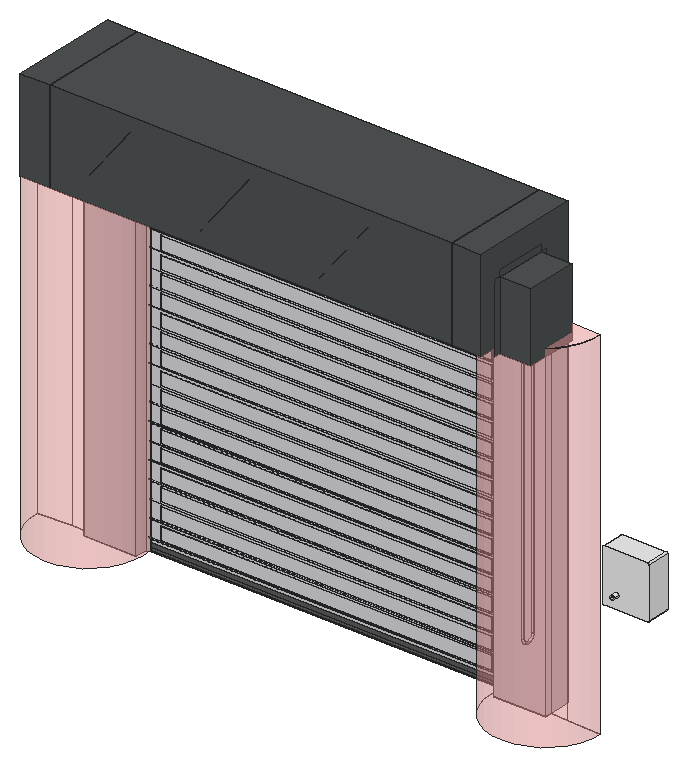
Revit family "Doors_Industrial_Wayne-Dalton_Exterior-Full-View-High-Speed-Metal-Doors-Model-889-ADV-Xtreme", category Specialty Equipment, host Wall, Revit 2026
Family settings
  Host = Wall
  Round Connector Dimension = Use Diameter
  Part Type = Normal
  Classification Number = 23.30.10.21.34
  Enable Cutting in Views = No
  Always vertical = Yes
  Cut with Voids When Loaded = No
  Maintain Annotation Orientation = No
  Shared = No
  Room Calculation Point = No
Parameters (values of type "230 volts, three phase, 60 Hz (208-245V range)")
  True Width [instance] = [Door Width (Real)]  # 10' - 0"
  True Height [instance] = [Door Height (Real)]  # 10' - 0"
  Slat Type [instance] = if(or(Slat Option < 1, Slat Option = 1), "Perforated Aluminum Slats", "Polycarbonate Panels")  # "Perforated Aluminum Slats"
  Slat Option [instance] = 1
  Slat Material = Metal - Wayne Dalton - Silver
  Slat Height = 0' - 5 13/16"  # constant formula
  Real Width [instance] = roundup([Door Width (Real)] / 1' 0")  # 10
  Product Page URL = "https://www.wayne-dalton.com/high-speed-metal-door-889"
  Powder Coat (Note) = "Approximately 200 optional RAL powder coat colors are also available."  # constant formula
  Number of Slats [instance] = roundup(([Door Height (Real)] - [Bottom Rail (Width)]) / Slat Height)  # 20
  Motor Cover [instance] = yes
  Lookup Table = "Door Limits"  # constant formula
  Hood Option [instance] = yes
  Hood Material = Metal - Wayne Dalton - Black
  Headroom Height [instance] = if(or(Header Option < 1, Header Option = 1), 2' 8", 3' 2")  # 2' - 8"
  Header Type [instance] = if(or(Header Option < 1, Header Option = 1), "Standard Header", "Large Header")  # "Standard Header"
  Header Option [instance] = if(or(True Height < 15' 0", True Height = 15' 0"), 1, 2)  # 1
  Guide Type [instance] = if(or(Guide Option < 1, Guide Option = 1), "Wide Guide - Non-Insulated", "Slim Guide - Non-Insulated")  # "Wide Guide - Non-Insulated"
  Guide Option [instance] = 1
  External Transformer = no
  Door Width (Real) [instance] = if(Door Width > Max Door Width, Max Door Width, if(Door Width < Min Door Width, Min Door Width, Door Width))  # 10' - 0"
  Door Height (Real) [instance] = if(Door Height > Max Door Height, Max Door Height, if(Door Height < Min Door Height, Min Door Height, Door Height))  # 10' - 0"
  Rough Width [instance] = [Door Width (Real)]  # 10' - 0"
  Rough Height [instance] = [Door Height (Real)] - 0' 1 1/4"  # 9' - 10 3/4"
  Opening Width [instance] = Rough Width  # 10' - 0"
  Opening Height [instance] = Rough Height  # 9' - 10 3/4"
  Voltage = 230 V
  URL = "https://www.wayne-dalton.com/"
  Product data url = "https://www.bimobject.com/wayne-dalton/product/high-speed-metal-door-889-ADV-Xtreme"
  Product Guid = "318edc16-91be-4919-865a-1b1574896b62"
  Power Factor = 1
  Number of Poles = 3
  Model = "889"  # constant formula
  Min Door Width [instance] = 4' - 0"  # constant formula
  Min Door Height [instance] = 2' - 0"  # constant formula
  Max Door Width [instance] = 20' - 0"  # constant formula
  Max Door Height [instance] = if(and(Slat Option > 1, Guide Option < 2), size_lookup(Lookup Table, "A", 21' 0", Real Width), if(and(Slat Option > 1, Guide Option > 1), size_lookup(Lookup Table, "B", 21' 0", Real Width), if(and(Slat Option < 2, Guide Option < 2), size_lookup(Lookup Table, "C", 21' 0", Real Width), size_lookup(Lookup Table, "D", 21' 0", Real Width))))  # 21' - 0"
  Manufacturer = "Wayne Dalton"  # constant formula
  Frequency = 60 Hz  # constant formula
  Wall Closure = By host
  Floor To (CL) of Shaft [instance] = if(or(Header Option < 1, Header Option = 1), Opening Height + 1' 4", Opening Height + 1' 7 161/256")  # 11' - 2 3/4"
  Dimensions Limit (Note) [instance] = "Maximum Height dependant on Width input, see specifications for further detail"  # constant formula
  Default Elevation = 0' - 0"
  Connector Description = "Rapidflex Large Control Panel"  # constant formula
  Finish Material = Metal - Wayne Dalton - Silver
  Door Width [instance] = 10' - 0"
  Door Height [instance] = 10' - 0"
  Description = "High speed metal doors with visibility and durability, Model 889 ADV-Xtreme is ideal for applications where aesthetics and visibility are a priority. Constructed with a fully assembled curtain, this door is easy to install and maintain.‬‬‬ Model 889 ADV-Xtreme also features a patent-pending helical-designed steel headplate that helps prevent metal curtain contact and provides smooth operation. A patent-pending curtain monitoring device ensures the door has a redundant system to monitor the position of the door."  # constant formula
  Current = 20 A
  Clearance [instance] = yes
  Center Stiles [instance] = if(or(True Width < 12' 6", True Width = 12' 6"), 1 = 2, 1 = 1)  # no
  Bottom Rail (Width) = 0' - 9 3/8"  # constant formula
  Backroom Depth [instance] = if(or(Header Option < 1, Header Option = 1), 3' 0 1/2", 3' 6 1/2")  # 3' - 0 1/2"
  Apparent Load Phase 3 = if(Number of Poles = 1, 0 VA, (Voltage * Current * sqrt(3)) / 3)  # 2655.81 VA
  Apparent Load Phase 2 = if(Number of Poles = 1, 0 VA, (Voltage * Current * sqrt(3)) / 3)  # 2655.81 VA
  Apparent Load Phase 1 = if(Number of Poles = 1, Voltage * Current, (Voltage * Current * sqrt(3)) / 3)  # 2655.81 VA
  Actual Number of Slats [instance] = roundup(([Door Height (Real)] - [Bottom Rail (Width)]) / Slat Height + 1)  # 21
Reference planes (in)
  plane 1 "Center (Front/Back)": y = 0
  plane 2 "Center (Left/Right)": x = 0
  plane 3 "Left": x = -60
  plane 4 "Right": x = 60
  plane 5 "Top": z = 120
  plane 6 "Exterior": y = 3
  plane 7 "Interior": y = -3
  plane 8: x = 60
  plane 9: x = -60
  plane 10: z = 118.75
  plane 11: z = 150.75
  plane 12 "Main": y = -7.11719
  plane 13: y = -39.5
  plane 14 "Bottom Rail": z = 9.375
  plane 15 "Main Door Block": y = -3
  plane 16: z = 47.47
  plane 17: z = 2.5
  plane 18: y = -7.61719
  plane 19: y = -6.61719
  plane 20 "1st Bottom Slat": z = 2.5
  plane 21: z = 79.125
  plane 22: z = 15.1875
  plane 23: z = 3.5625
  plane 24: x = -20
  plane 25: x = 20
  plane 26: x = -60
  plane 27: x = 60
Forms (in)
  Extrusion 1, solid, material "Plastic - Wayne Dalton - Nylon"
    sketch origin (0, 0, 0) x (0, 1, 0) y (0, 0, 1)
      loop
        line (-7.61719, 2.5) -> (-7.61719, 1.064) -> (-7.73131, 0.25198) -> (-7.93536, 0) -> (-6.29902, 0) -> (-6.50307, 0.25198) -> (-6.61719, 1.064) -> (-6.61719, 2.5) -> (-7.61719, 2.5)
    from -60 to 60
  Extrusion 2, solid, material "Metal - Wayne Dalton - Clear", visible <- "Center Stiles"
    sketch origin (0, -7.11719, 0) x (0, 0, -1) y (-1, 0, 0)
      loop
        line (-2.5, 21) -> (-120, 21) -> (-120, 19) -> (-2.5, 19) -> (-2.5, 21)
      loop
        line (-2.5, -19) -> (-120, -19) -> (-120, -21) -> (-2.5, -21) -> (-2.5, -19)
    from -0.692 to 0.68698
Lines and regions (in)
  Opening 1
    outline origin (-90, -3, 0) x (1, 0, 0) y (0, 0, 1)
      loop
        line (30, 0) -> (150, 0) -> (150, 118.75) -> (30, 118.75) -> (30, 0)
Text (in)
  text "Exterior" at (-74.96733, 27.31104, 0), in view "Ref. Level"
  text "Interior" at (-74.96733, -25.14366, 0), in view "Ref. Level"
  text "Exterior" at (0, 40.15149, 123.01588), in view "Right"
  text "Interior" at (0, -64.39139, 123.01588), in view "Right"
  text "Interior" at (0, -31.01599, 123.00693), in view "Left"
  text "Exterior" at (0, 54.57065, 123.00693), in view "Left"
Dimensions and locks (in)
  equal spacing: plane 3 "Left", plane 2 "Center (Left/Right)", plane 4 "Right"
  "Door Height (Real)": level to plane 5 "Top"
  "Door Width (Real)": plane 3 "Left" to plane 4 "Right"
  host wall to plane 5 "Top" = 10' - 0"
  level to host wall = 38' - 3.59655"
  "Rough Height": level to plane 10
  equal spacing: plane 9, plane 2 "Center (Left/Right)", plane 8
  "Rough Width": plane 8 to plane 9
  "Headroom Height": plane 10 to plane 11
  "Backroom Depth": plane 7 "Interior" to plane 13
  "Bottom Rail (Width)": plane 14 "Bottom Rail" to level
  plane 10 to level = 9' - 10 3/4"
  locked: plane 15 "Main Door Block" to plane 12 "Main" at 4.11719
  plane 1 "Center (Front/Back)" to plane 7 "Interior" = 0' - 3"
  equal spacing: plane 18, plane 12 "Main", plane 19
  locked: plane 18 to plane 19 at 1
  locked: Extrusion 1 sketch curve to Extrusion 1 sketch curve at 0.82  (x2)
  locked: plane 17 to Extrusion 1 sketch curve at 1.436  (x2)
  locked: plane 20 "1st Bottom Slat" to level at 2.5
  "Slat Height": plane 22 to plane 14 "Bottom Rail"
  locked: plane 23 to level at 3.5625
  plane 20 "1st Bottom Slat" to plane 23 = 0' - 1 1/16"
  equal spacing: group 1, group 2, group 3, group 4, group 5, group 6, group 7, group 8, group 9, group 10, group 11, group 12, group 13, group 14, group 15, group 16, group 17, group 18, group 19, group 20  (x3)
  locked: Extrusion 2 sketch curve to Extrusion 2 sketch curve at 2  (x2)
  equal spacing: Extrusion 2 sketch curve, plane 24, Extrusion 2 sketch curve
  equal spacing: Extrusion 2 sketch curve, plane 25, Extrusion 2 sketch curve
  equal spacing: plane 26, plane 24, plane 25, plane 27
  locked: Extrusion 1 sketch curve to Extrusion 1 sketch curve (angle 172.00°)  (x2)
  locked: Extrusion 1 sketch curve to Extrusion 1 sketch curve (angle 149.00°)  (x2)
  aligned and locked: Opening 1 sketch curve to level
  aligned and locked: plane 6 "Exterior" to host wall
  aligned and locked: host wall to plane 7 "Interior"
  aligned and locked: plane 9 to Opening 1 sketch curve
  aligned and locked: plane 8 to Opening 1 sketch curve
  aligned and locked: Opening 1 sketch curve to plane 10
  aligned and locked: Extrusion 1 to plane 4 "Right"
  aligned and locked: plane 3 "Left" to Extrusion 1
  aligned and locked: nested 1 to plane 7 "Interior"
  aligned and locked: nested 1 to plane 2 "Center (Left/Right)"
  aligned and locked: level to nested 1
  aligned and locked: plane 15 "Main Door Block" to plane 7 "Interior"
  aligned and locked: plane 17 to Extrusion 1 sketch curve
  aligned and locked: plane 18 to Extrusion 1 sketch curve
  aligned and locked: plane 19 to Extrusion 1 sketch curve
  aligned and locked: Extrusion 1 sketch curve to level
  aligned and locked: plane 12 "Main" to nested 2
  aligned and locked: nested 3 to plane 23
  aligned and locked: nested 3 to plane 12 "Main"
  aligned and locked: nested 2 to plane 14 "Bottom Rail"
  aligned and locked: nested 4 to plane 22
  aligned and locked: plane 5 "Top" to Extrusion 2 sketch curve
  aligned and locked: plane 20 "1st Bottom Slat" to Extrusion 2 sketch curve
  aligned and locked: plane 26 to plane 9
  aligned and locked: plane 27 to plane 8
  aligned and locked: plane 12 "Main" to nested 22
Automatic sketch dimensions
  Extrusion 2 sketch curve to plane 5 "Top" = 0' - 0"
  Extrusion 2 sketch curve to plane 20 "1st Bottom Slat" = 0' - 0"
Nested families (in)
  nested 1: "Lifts" at (0, -3, 0) x (-1, 0, 0) z (0, 0, 1), Header Option <- "Header Option", Guid Option <- "Guide Option", Header Height <- "Headroom Height", Header Width <- "Backroom Depth", Motor Cover <- "Motor Cover", type "Frame Unit"
    with Spool Radius 1' - 2", Right Motor Position yes, Motor Cover Off no, Motor Cover yes, Masking Region Right Motor no, Header Width 3' - 0 1/2", Header Option 1, Header Height 2' - 8", Guid Width 1' - 5 1/4", Guid Option 1, Floor To (CL) of Shaft 11' - 2 3/4", Electric Operator Position 17' - 1 1/2", Clearance (Wide Guid) yes, Clearance (Slim Guid) no, CL Shaft Offset 1' - 0"
  nested 2: "Slat" at (0, -7.11719, 15.1875) x (1, 0, 0) z (0, 0, -1), Slat Option <- "Slat Option", type "Slat"
    with Standard Slat Bottom Rail no, Standard Slat no, Slat Option 1, Polycarbonate Slat Bottom Rail no, Polycarbonate Slat no, Perforated Slat Bottom Rail no, Perforated Slat yes, Bottom Rail no
  nested 3: "Slat" at (0, -7.11719, 3.5625), Slat Option <- "Slat Option", type "Slat"
    with Standard Slat Bottom Rail no, Standard Slat no, Slat Option 1, Polycarbonate Slat Bottom Rail no, Polycarbonate Slat no, Perforated Slat Bottom Rail yes, Perforated Slat yes, Bottom Rail yes
  nested 4: "Slat" at (0, -7.11719, 21) x (1, 0, 0) z (0, 0, -1), Slat Option <- "Slat Option", type "Slat"
    with Standard Slat Bottom Rail no, Standard Slat no, Slat Option 1, Polycarbonate Slat Bottom Rail no, Polycarbonate Slat no, Perforated Slat Bottom Rail no, Perforated Slat yes, Bottom Rail no
  nested 5: "Slat" at (0, -7.11719, 26.8125) x (1, 0, 0) z (0, 0, -1), Slat Option <- "Slat Option", type "Slat"
    with Standard Slat Bottom Rail no, Standard Slat no, Slat Option 1, Polycarbonate Slat Bottom Rail no, Polycarbonate Slat no, Perforated Slat Bottom Rail no, Perforated Slat yes, Bottom Rail no
  nested 6: "Slat" at (0, -7.11719, 32.625) x (1, 0, 0) z (0, 0, -1), Slat Option <- "Slat Option", type "Slat"
    with Standard Slat Bottom Rail no, Standard Slat no, Slat Option 1, Polycarbonate Slat Bottom Rail no, Polycarbonate Slat no, Perforated Slat Bottom Rail no, Perforated Slat yes, Bottom Rail no
  nested 7: "Slat" at (0, -7.11719, 38.4375) x (1, 0, 0) z (0, 0, -1), Slat Option <- "Slat Option", type "Slat"
    with Standard Slat Bottom Rail no, Standard Slat no, Slat Option 1, Polycarbonate Slat Bottom Rail no, Polycarbonate Slat no, Perforated Slat Bottom Rail no, Perforated Slat yes, Bottom Rail no
  nested 8: "Slat" at (0, -7.11719, 44.25) x (1, 0, 0) z (0, 0, -1), Slat Option <- "Slat Option", type "Slat"
    with Standard Slat Bottom Rail no, Standard Slat no, Slat Option 1, Polycarbonate Slat Bottom Rail no, Polycarbonate Slat no, Perforated Slat Bottom Rail no, Perforated Slat yes, Bottom Rail no
  nested 9: "Slat" at (0, -7.11719, 50.0625) x (1, 0, 0) z (0, 0, -1), Slat Option <- "Slat Option", type "Slat"
    with Standard Slat Bottom Rail no, Standard Slat no, Slat Option 1, Polycarbonate Slat Bottom Rail no, Polycarbonate Slat no, Perforated Slat Bottom Rail no, Perforated Slat yes, Bottom Rail no
  nested 10: "Slat" at (0, -7.11719, 55.875) x (1, 0, 0) z (0, 0, -1), Slat Option <- "Slat Option", type "Slat"
    with Standard Slat Bottom Rail no, Standard Slat no, Slat Option 1, Polycarbonate Slat Bottom Rail no, Polycarbonate Slat no, Perforated Slat Bottom Rail no, Perforated Slat yes, Bottom Rail no
  nested 11: "Slat" at (0, -7.11719, 61.6875) x (1, 0, 0) z (0, 0, -1), Slat Option <- "Slat Option", type "Slat"
    with Standard Slat Bottom Rail no, Standard Slat no, Slat Option 1, Polycarbonate Slat Bottom Rail no, Polycarbonate Slat no, Perforated Slat Bottom Rail no, Perforated Slat yes, Bottom Rail no
  nested 12: "Slat" at (0, -7.11719, 67.5) x (1, 0, 0) z (0, 0, -1), Slat Option <- "Slat Option", type "Slat"
    with Standard Slat Bottom Rail no, Standard Slat no, Slat Option 1, Polycarbonate Slat Bottom Rail no, Polycarbonate Slat no, Perforated Slat Bottom Rail no, Perforated Slat yes, Bottom Rail no
  nested 13: "Slat" at (0, -7.11719, 73.3125) x (1, 0, 0) z (0, 0, -1), Slat Option <- "Slat Option", type "Slat"
    with Standard Slat Bottom Rail no, Standard Slat no, Slat Option 1, Polycarbonate Slat Bottom Rail no, Polycarbonate Slat no, Perforated Slat Bottom Rail no, Perforated Slat yes, Bottom Rail no
  nested 14: "Slat" at (0, -7.11719, 79.125) x (1, 0, 0) z (0, 0, -1), Slat Option <- "Slat Option", type "Slat"
    with Standard Slat Bottom Rail no, Standard Slat no, Slat Option 1, Polycarbonate Slat Bottom Rail no, Polycarbonate Slat no, Perforated Slat Bottom Rail no, Perforated Slat yes, Bottom Rail no
  nested 15: "Slat" at (0, -7.11719, 84.9375) x (1, 0, 0) z (0, 0, -1), Slat Option <- "Slat Option", type "Slat"
    with Standard Slat Bottom Rail no, Standard Slat no, Slat Option 1, Polycarbonate Slat Bottom Rail no, Polycarbonate Slat no, Perforated Slat Bottom Rail no, Perforated Slat yes, Bottom Rail no
  nested 16: "Slat" at (0, -7.11719, 90.75) x (1, 0, 0) z (0, 0, -1), Slat Option <- "Slat Option", type "Slat"
    with Standard Slat Bottom Rail no, Standard Slat no, Slat Option 1, Polycarbonate Slat Bottom Rail no, Polycarbonate Slat no, Perforated Slat Bottom Rail no, Perforated Slat yes, Bottom Rail no
  nested 17: "Slat" at (0, -7.11719, 96.5625) x (1, 0, 0) z (0, 0, -1), Slat Option <- "Slat Option", type "Slat"
    with Standard Slat Bottom Rail no, Standard Slat no, Slat Option 1, Polycarbonate Slat Bottom Rail no, Polycarbonate Slat no, Perforated Slat Bottom Rail no, Perforated Slat yes, Bottom Rail no
  nested 18: "Slat" at (0, -7.11719, 102.375) x (1, 0, 0) z (0, 0, -1), Slat Option <- "Slat Option", type "Slat"
    with Standard Slat Bottom Rail no, Standard Slat no, Slat Option 1, Polycarbonate Slat Bottom Rail no, Polycarbonate Slat no, Perforated Slat Bottom Rail no, Perforated Slat yes, Bottom Rail no
  nested 19: "Slat" at (0, -7.11719, 108.1875) x (1, 0, 0) z (0, 0, -1), Slat Option <- "Slat Option", type "Slat"
    with Standard Slat Bottom Rail no, Standard Slat no, Slat Option 1, Polycarbonate Slat Bottom Rail no, Polycarbonate Slat no, Perforated Slat Bottom Rail no, Perforated Slat yes, Bottom Rail no
  nested 20: "Slat" at (0, -7.11719, 114) x (1, 0, 0) z (0, 0, -1), Slat Option <- "Slat Option", type "Slat"
    with Standard Slat Bottom Rail no, Standard Slat no, Slat Option 1, Polycarbonate Slat Bottom Rail no, Polycarbonate Slat no, Perforated Slat Bottom Rail no, Perforated Slat yes, Bottom Rail no
  nested 21: "Slat" at (0, -7.11719, 119.8125) x (1, 0, 0) z (0, 0, -1), Slat Option <- "Slat Option", type "Slat"
    with Standard Slat Bottom Rail no, Standard Slat no, Slat Option 1, Polycarbonate Slat Bottom Rail no, Polycarbonate Slat no, Perforated Slat Bottom Rail no, Perforated Slat yes, Bottom Rail no
  nested 22: "Slat" at (0, -7.11719, 125.625) x (1, 0, 0) z (0, 0, -1), Slat Option <- "Slat Option", type "Slat"
    with Standard Slat Bottom Rail no, Standard Slat no, Slat Option 1, Polycarbonate Slat Bottom Rail no, Polycarbonate Slat no, Perforated Slat Bottom Rail no, Perforated Slat yes, Bottom Rail no
Connectors (in)
  electrical at (102.74935, -10.54, 48), driven by "Number of Poles", driven by "Voltage", driven by "Power Factor", driven by "Connector Description", driven by "Apparent Load Phase 1", driven by "Apparent Load Phase 2", driven by "Apparent Load Phase 3"
    settings: on nested 1, index 1, voltage 230 V, apparent load 0 VA, apparent load phase1 2655.81 VA, apparent load phase2 2655.81 VA, apparent load phase3 2655.81 VA, power factor 1, load classification "Other", number of poles 3, system type 31, power factor state 1, is connector primary yes, connector utility no, sub classification motor no, connector description "Rapidflex Large Control Panel"
Definition of nested family "Lifts"
  Parameters (values of type "Frame Unit")
    Spool Radius [instance] = if(or(Header Option < 1, Header Option = 1), 1' 2", 1' 5.7")  # 1' - 5.7"
    Shaft Material = none
    Right Motor Position [instance] = yes
    Opening Width = 10' - 0"
    Naked Header = not(Hood Option)  # no
    Motor Cover Off [instance] = not(Motor Cover)  # no
    Motor Cover [instance] = yes
    Masking Region Right Motor [instance] = if(and(Right Motor Position, Motor Cover Off), 1 = 1, 1 = 2)  # no
    Hood Option = yes
    Hood Material = none
    Header Width [instance] = 3' - 6 1/2"
    Header Option [instance] = 2
    Header Height [instance] = 3' - 2"
    Guid Width [instance] = if(Guid Option > 1, 1' 0.63", 1' 5 1/4")  # 1' - 5 1/4"
    Guid Option [instance] = 1
    External Transformer = no
    Electric Operator Position [instance] = if(Right Motor Position, (3' 6 3/4" * 2 + Opening Width), 0' 0")  # 17' - 1 1/2"
    Clearance (Wide Guid) [instance] = if(and(Clearance, Guid Option < 2), 1 < 2, 1 > 2)  # yes
    Clearance (Slim Guid) [instance] = if(and(Clearance, Guid Option > 1), 1 < 2, 1 > 2)  # no
    Clearance = yes
    Opening Height = 9' - 10 3/4"
    Floor To (CL) of Shaft [instance] = if(or(Header Option < 1, Header Option = 1), Opening Height + 1' 4", Opening Height + 1' 7.63")  # 11' - 6.38"
    Finish Material = none
    CL Shaft Offset [instance] = if(or(Header Option < 1, Header Option = 1), 1' 0", 1' 4.53")  # 1' - 4.53"
    Analytic Construction = "<None>"
  Reference planes (in)
    plane 1 "Center (Front/Back)": y = 0
    plane 2: z = 0
    plane 3 "Center (Left/Right)": x = 0
    plane 4 "Left": x = -60
    plane 5 "Right": x = 60
    plane 6 "Center Line of Shaft": z = 138.38
    plane 7 "Headroom Top": z = 156.75
    plane 8 "Opening Height": z = 118.75
    plane 9: x = -87.5
    plane 10 "Shaft": x = -75.54413
    plane 11 "Box": x = -102.74935
    plane 12 "EBOX": z = 48
    plane 13: z = 39.09375
    plane 14: z = 56.90625
    plane 15: z = 43.5
    plane 16: y = 16.53
    plane 17: y = 7.54
    plane 18: x = 72.81
    plane 19: y = 2.73
    plane 20: y = 5.5094
    plane 21: y = 7.25
    plane 22: z = 120
    plane 23: x = -72.81
    plane 24: x = -40
    plane 25: x = -20
    plane 26: x = 0
    plane 27: z = 122.5
    plane 28: z = 154.25
    plane 29: x = 20
    plane 30: x = 40
    plane 31: y = 42.5
    plane 32: x = 87.5
    plane 33: y = 7.28
    plane 34: x = -77.68
    plane 35: x = 77.68
    plane 36: x = 77.25
    plane 37: x = -77.25
    plane 38: x = -94.99935
    plane 39: x = -110.49935
    plane 40 "Center L/MM": x = 75.54413
    plane 41 "Center L/NN": x = 102.75065
  Forms (in)
    Extrusion 1, solid, material <- "Shaft Material"
      sketch origin (0, 0, 0) x (0, 1, 0) y (0, 0, 1)
        loop
          circle (21.25, 138.38) r 0.78
      from -87.5 to 87.5
    Extrusion 2, solid, material <- "Hood Material"
      sketch origin (60, 0, 0) x (0, -1, 0) y (0, 0, 1)
        loop
          circle (-21.25, 138.38) r 17.7
      from -6.97 to -16.504
    Extrusion 3, solid, material <- "Shaft Material"
      sketch origin (0, 0, 138.38) x (-1, 0, 0) y (0, -1, 0)
        loop
          line (-76.504, -16.61) -> (-76.745, -16.61) -> (-76.745, -23.86) -> (-76.504, -23.86) -> (-76.504, -16.61)
        loop
          line (76.504, -16.61) -> (76.504, -23.86) -> (76.745, -23.86) -> (76.745, -16.61) -> (76.504, -16.61)
      from 5.62 to -3
    Extrusion 4, solid
      sketch origin (-1.95651, 0, 0) x (1, 0, 0) y (0, 0, 1)
        loop
          line (-93.54284, 56.90625) -> (-108.04284, 56.90625)
          arc (-108.04284, 56.90625) -> (-108.39639, 56.7598) -> (-108.54284, 56.40625) r 0.5
          line (-108.54284, 56.40625) -> (-108.54284, 39.59375)
          arc (-108.54284, 39.59375) -> (-108.39639, 39.2402) -> (-108.04284, 39.09375) r 0.5
          line (-108.04284, 39.09375) -> (-93.54284, 39.09375)
          arc (-93.54284, 39.09375) -> (-93.18929, 39.2402) -> (-93.04284, 39.59375) r 0.5
          line (-93.04284, 39.59375) -> (-93.04284, 56.40625)
          arc (-93.04284, 56.40625) -> (-93.18929, 56.7598) -> (-93.54284, 56.90625) r 0.5
      from -7.54 to 0
    Revolve 5, solid, visible <- "Right Motor Position"
      sketch origin (-55.03203, -180, 43.5) x (-1, 0, 0) y (0, -1, 0)
        loop
          line (44.35732, -187.54) -> (43.60732, -187.54) -> (43.75732, -189.312) -> (44.35732, -189.312) -> (44.35732, -187.54)
        axis (44.35732, -187.54) -> (44.35732, -189.312)
      angle from 0 to 360
    Extrusion 6, solid, material <- "Finish Material"
      sketch origin (0, 0, 0) x (1, 0, 0) y (0, 1, 0)
        loop
          line (60, 0) -> (77.25, 0) -> (77.25, 9.5) -> (60, 9.5) -> (60, 5.5094) -> (59, 4.80919) -> (59, 3.43021) -> (60, 2.73) -> (60, 0)
        loop
          line (-77.25, 0) -> (-60, 0) -> (-60, 2.73) -> (-59, 3.43021) -> (-59, 4.80919) -> (-60, 5.5094) -> (-60, 9.5) -> (-77.25, 9.5) -> (-77.25, 0)
      from 0 to 120
    Extrusion 7, solid, visible <- "Clearance (Slim Guid)"
      sketch origin (0, 0, 0) x (1, 0, 0) y (0, 1, 0)
        loop
          line (59.00502, 4.81271) -> (60, 5.5094) -> (60, 9.5) -> (72.625, 9.5) -> (72.625, 7.25) -> (72.86879, 7.25) -> (85.75065, 7.92511)
          arc (85.75065, 7.92511) -> (70.70003, 20.78662) -> (59.00502, 4.81271) r 13.50118
        loop
          arc (-59.00502, 4.81271) -> (-70.69873, 20.79785) -> (-85.75065, 7.92511) r 13.50197
          line (-85.75065, 7.92511) -> (-72.86879, 7.25) -> (-72.625, 7.25) -> (-72.625, 9.5) -> (-60, 9.5) -> (-60, 5.5094) -> (-59.00502, 4.81271)
      from 0 to 120
    Extrusion 8, solid, material <- "Hood Material", visible <- "Hood Option"
      sketch origin (0, 0, 0) x (0, 1, 0) y (0, 0, 1)
        loop
          line (0, 120) -> (42.5, 120) -> (42.5, 156.75) -> (0, 156.75) -> (0, 120)
      from -67.475 to 67.475
    Sweep 9, solid, material <- "Hood Material"
      path origin (0, 0, 0) x (0, 1, 0) y (0, 0, 1)
        loop
          line (0, 120) -> (42.5, 120) -> (42.5, 156.75) -> (0, 156.75) -> (0, 120)
      profile origin (0, 0, 138.375) x (0, -1, 0) y (1, 0, 0)
        loop
          line (0, 67.475) -> (0, 77.25) -> (-0.5, 77.25) -> (-0.5, 67.475) -> (0, 67.475)
        loop
          line (0, -67.475) -> (-0.5, -67.475) -> (-0.5, -77.25) -> (0, -77.25) -> (0, -67.475)
    Extrusion 10, solid, material <- "Hood Material"
      sketch origin (0, 0, 0) x (1, 0, 0) y (0, 1, 0)
        loop
          line (77.25, 0) -> (77.25, 42.5) -> (76.745, 42.5) -> (76.745, 0) -> (77.25, 0)
        loop
          line (-77.25, 0) -> (-76.745, 0) -> (-76.745, 42.5) -> (-77.25, 42.5) -> (-77.25, 0)
      from 120 to 156.75
    Extrusion 11, solid, material <- "Hood Material"
      sketch origin (0, 0, 0) x (0, 1, 0) y (0, 0, 1)
        loop
          line (0.5, 120.5) -> (2.5, 120.5) -> (2.5, 124.5) -> (0.5, 124.5) -> (0.5, 120.5)
        loop
          line (0.5, 156.25) -> (0.5, 152.25) -> (2.5, 152.25) -> (2.5, 156.25) -> (0.5, 156.25)
        loop
          line (42, 156.25) -> (40, 156.25) -> (40, 152.25) -> (42, 152.25) -> (42, 156.25)
        loop
          line (42, 120.5) -> (42, 124.5) -> (40, 124.5) -> (40, 120.5) -> (42, 120.5)
      from -76.745 to 76.745
    Sweep 12, solid, material <- "Hood Material"
      path origin (0, 0, 0) x (1, 0, 0) y (0, 0, 1)
        loop
          line (-60, 121.5) -> (-60, 122.5) -> (-40, 154.25) -> (-20, 122.5) -> (0, 154.25) -> (20, 122.5) -> (40, 154.25) -> (60, 122.5) -> (60, 121.5)
      profile origin (-60, 0, 122) x (-1, 0, 0) y (0, -1, 0)
        loop
          line (1, -0.5) -> (-1, -0.5) -> (-1, -2.5) -> (1, -2.5) -> (1, -0.5)
        loop
          line (1, -40) -> (-1, -40) -> (-1, -42) -> (1, -42) -> (1, -40)
    Extrusion 13, void
      sketch origin (0, 0, 0) x (1, 0, 0) y (0, 0, 1)
        loop
          line (-78.35432, 152.25) -> (80.245, 152.25) -> (80.245, 186.25) -> (-78.35432, 186.25) -> (-78.35432, 152.25)
        loop
          line (80.245, 105.5) -> (80.245, 124.5) -> (-78.35432, 124.5) -> (-78.35432, 105.5) -> (80.245, 105.5)
      from 0 to -42.5
    Extrusion 14, solid, visible <- "Clearance (Wide Guid)"
      sketch origin (0, 0.03, 0) x (1, 0, 0) y (0, 1, 0)
        loop
          arc (-59, 4.77919) -> (-74.94522, 26.56962) -> (-94.4, 7.84572) r 17.92829
          line (-94.4, 7.84572) -> (-83.03307, 7.25) -> (-77.495, 7.25) -> (-77.495, 9.5) -> (-60, 9.5) -> (-60, 5.4794) -> (-59, 4.77919)
        loop
          line (59, 4.77919) -> (60, 5.4794) -> (60, 9.5) -> (77.495, 9.5) -> (77.495, 7.25) -> (83.03307, 7.25) -> (94.4, 7.84572)
          arc (94.4, 7.84572) -> (74.94522, 26.56962) -> (59, 4.77919) r 17.92829
      from 0 to 120
    Extrusion 15, solid, material <- "Hood Material"
      sketch origin (-60, -60, 48) x (0, -1, 0) y (0, 0, 1)
        loop
          circle (-81.25, 90.38) r 17.7
      from 6.97 to 16.504
    Extrusion 16, solid, visible <- "External Transformer"
      sketch origin (0, 0, 48) x (1, 0, 0) y (0, 1, 0)
        loop
          line (-109.62435, 0) -> (-95.87435, 0) -> (-95.87435, 0.125) -> (-98.24935, 0.125) -> (-98.24935, 9.3125) -> (-107.24935, 9.3125) -> (-107.24935, 0.125) -> (-109.62435, 0.125) -> (-109.62435, 0)
      from -19.13 to -10
  Cuts and joins
    joined: Sweep 9, Extrusion 10
    Extrusion 13 cuts Sweep 12
  Lines and regions (in)
    Masking region 1
      outline origin (0, 0, 0) x (1, 0, 0) y (0, 1, 0)
        loop
          line (-110.49935, 0) -> (-94.99935, 0) -> (-94.99935, 7.54) -> (-110.49935, 7.54) -> (-110.49935, 0)
    Masking region 2, visible <- "Right Motor Position"
      outline origin (0, 0, 0) x (1, 0, 0) y (0, 1, 0)
        loop
          line (-98.63935, 7.54) -> (-98.78935, 9.312) -> (-99.98935, 9.312) -> (-100.13935, 7.54) -> (-98.63935, 7.54)
    Masking region 3, visible <- "Naked Header"
      outline origin (0, 0, 0) x (1, 0, 0) y (0, 1, 0)
        loop
          line (-77.25, 42.5) -> (-77.25, 0) -> (-67.475, 0) -> (-67.475, 3.55) -> (-66.97, 3.55) -> (-66.97, 38.95) -> (-67.475, 38.95) -> (-67.475, 42.5) -> (-77.25, 42.5)
        loop
          line (67.475, 42.5) -> (67.475, 38.95) -> (66.97, 38.95) -> (66.97, 3.55) -> (67.475, 3.55) -> (67.475, 0) -> (77.25, 0) -> (77.25, 42.5) -> (67.475, 42.5)
    Masking region 4, visible <- "Naked Header"
      outline origin (0, 0, 0) x (1, 0, 0) y (0, 1, 0)
        loop
          line (67.475, 2.5) -> (-67.475, 2.5) -> (-67.475, 0.5) -> (67.475, 0.5) -> (67.475, 2.5)
        loop
          line (-66.97, 22.03) -> (-66.97, 20.47) -> (66.97, 20.47) -> (66.97, 22.03) -> (-66.97, 22.03)
        loop
          line (-67.475, 40) -> (67.475, 40) -> (67.475, 42) -> (-67.475, 42) -> (-67.475, 40)
    Masking region 5, visible <- "Naked Header"
      outline origin (0, 0, 0) x (1, 0, 0) y (0, 1, 0)
        loop
          line (-77.25, 9.5) -> (-77.25, 0) -> (-60, 0) -> (-60, 2.73) -> (-59, 3.43021) -> (-59, 4.80919) -> (-60, 5.5094) -> (-60, 9.5) -> (-77.25, 9.5)
        loop
          line (60, 0) -> (77.25, 0) -> (77.25, 9.5) -> (60, 9.5) -> (60, 5.5094) -> (59, 4.80919) -> (59, 3.43021) -> (60, 2.73) -> (60, 0)
    Masking region 6, visible <- "Hood Option"
      outline origin (0, 0, 0) x (1, 0, 0) y (0, 1, 0)
        loop
          line (77.25, 42.5) -> (-77.25, 42.5) -> (-77.25, 0) -> (77.25, 0) -> (77.25, 42.5)
    Masking region 7, visible <- "Naked Header"
      outline origin (0, 0, 0) x (1, 0, 0) y (0, 1, 0)
        loop
          line (-59.1721, 4.9297) -> (-59, 4.80919) -> (-59, 3.43021) -> (-59.1721, 3.3097) -> (59.1721, 3.3097) -> (59, 3.43021) -> (59, 4.80919) -> (59.1721, 4.9297) -> (-59.1721, 4.9297)
    Masking region 8, visible <- "Masking Region Right Motor"
      outline origin (0, 0, 0) x (1, 0, 0) y (0, 1, 0)
        loop
          line (-77.25, 22.03) -> (-79.18006, 22.03) -> (-79.18006, 21.92998) -> (-80.41413, 21.92998) -> (-80.41413, 22.03) -> (-81.009, 22.03) -> (-81.009, 21.43043) -> (-80.479, 21.43043) -> (-80.479, 20.47) -> (-77.25, 20.47) -> (-77.25, 22.03)
        loop
          line (-87.5, 22.03) -> (-87.5, 20.47) -> (-85.479, 20.47) -> (-85.479, 21.43043) -> (-84.949, 21.43043) -> (-84.949, 22.03) -> (-87.5, 22.03)
    Masking region 9, visible <- "Right Motor Position"
      outline origin (0, 0, 0) x (1, 0, 0) y (0, 1, 0)
        loop
          line (87.5, 22.03) -> (77.25, 22.03) -> (77.25, 20.47) -> (87.5, 20.47) -> (87.5, 22.03)
    Masking region 10, visible <- "External Transformer"
      outline origin (0, 0, 0) x (1, 0, 0) y (0, 1, 0)
        loop
          line (-107.24935, 7.54) -> (-98.24935, 7.54) -> (-98.24935, 9.3125) -> (-107.24935, 9.3125) -> (-107.24935, 7.54)
    symbolic lines
      curve 1: line (-67.475, 42.5, 0) -> (-67.475, 0, 0)
      curve 2: line (67.475, 0, 0) -> (67.475, 42.5, 0)
  Dimensions and locks (in)
    equal spacing: plane 4 "Left", plane 3 "Center (Left/Right)", plane 5 "Right"
    "Opening Width": plane 4 "Left" to plane 5 "Right"
    "Header Height": plane 7 "Headroom Top" to plane 8 "Opening Height"
    "Opening Height": plane 8 "Opening Height" to level
    locked: plane 9 to plane 4 "Left" at 27.5
    locked: Extrusion 3 sketch curve to Extrusion 3 sketch curve at 0.241  (x2)
    locked: level to plane 12 "EBOX" at 48
    locked: plane 11 "Box" to Revolve 5 sketch curve at 3.36
    equal spacing: plane 14, plane 12 "EBOX", plane 13
    locked: plane 12 "EBOX" to plane 15 at 4.5
    locked: plane 13 to plane 14 at 17.8125
    locked: plane 10 "Shaft" to plane 4 "Left" at 15.54413
    locked: plane 16 to Extrusion 1 sketch curve at 4.72
    locked: plane 16 to Extrusion 2 sketch curve at 4.72
    locked: plane 16 to Extrusion 3 sketch curve at 0.08  (x2)
    locked: plane 16 to Extrusion 3 sketch curve at 7.33  (x2)
    locked: plane 17 to plane 1 "Center (Front/Back)" at 7.54
    locked: Revolve 5 sketch curve to Revolve 5 sketch curve at 0.6
    locked: Revolve 5 sketch curve to Revolve 5 sketch curve at 0.75
    locked: plane 17 to Revolve 5 sketch curve at 1.772
    "Guid Width": Extrusion 6 sketch curve to plane 4 "Left"
    "Guid Width": plane 5 "Right" to Extrusion 6 sketch curve
    locked: plane 1 "Center (Front/Back)" to plane 19 at 2.73
    locked: plane 1 "Center (Front/Back)" to plane 20 at 5.5094
    locked: Extrusion 6 sketch curve to plane 5 "Right" at 1
    locked: plane 4 "Left" to Extrusion 6 sketch curve at 1
    locked: plane 1 "Center (Front/Back)" to Extrusion 6 sketch curve at 9.5  (x2)
    locked: plane 21 to Extrusion 7 sketch curve at 2.25  (x2)
    locked: plane 1 "Center (Front/Back)" to plane 21 at 7.25
    "Header Width": plane 1 "Center (Front/Back)" to Extrusion 8 sketch curve
    locked: Extrusion 8 to plane 4 "Left" at 7.475
    locked: plane 5 "Right" to Extrusion 8 at 7.475
    locked: plane 22 to plane 8 "Opening Height" at 1.25
    "Header Width": plane 1 "Center (Front/Back)" to Sweep 9 sketch curve
    locked: plane 5 "Right" to Sweep 9 sketch curve at 7.475
    locked: Sweep 9 sketch curve to profile plane at 0.5
    "Header Width": plane 1 "Center (Front/Back)" to Extrusion 10 sketch curve  (x2)
    locked: Extrusion 7 sketch curve to plane 18 at 0.185
    locked: plane 23 to Extrusion 7 sketch curve at 0.185
    locked: Sweep 12 sketch curve to Sweep 12 sketch curve at 1  (x2)
    equal spacing: plane 4 "Left", plane 24, plane 25, plane 26, plane 29, plane 30, plane 5 "Right"
    locked: profile plane to Sweep 12 sketch curve at 1
    locked: profile plane to Sweep 12 sketch curve at 0.5
    locked: profile plane to Sweep 12 sketch curve at 2.5
    locked: plane 4 "Left" to Sweep 12 sketch curve at 1
    locked: plane 7 "Headroom Top" to plane 28 at 2.5
    equal spacing: Sweep 12 sketch curve, plane 4 "Left", Sweep 12 sketch curve
    equal spacing: Sweep 12 sketch curve, profile plane, Sweep 12 sketch curve
    locked: Masking region 3 sketch curve to Masking region 3 sketch curve at 0.505  (x2)
    locked: Masking region 4 sketch curve to plane 4 "Left" at 6.97
    locked: Masking region 4 sketch curve to plane 4 "Left" at 7.475
    locked: plane 5 "Right" to Masking region 4 sketch curve at 7.475
    locked: plane 27 to plane 8 "Opening Height" at 3.75
    locked: plane 7 "Headroom Top" to Extrusion 13 sketch curve at 4.5
    locked: Extrusion 13 sketch curve to plane 8 "Opening Height" at 5.75
    locked: Extrusion 11 to Extrusion 13 sketch curve at 19
    locked: Extrusion 13 sketch curve to Extrusion 11 at 34
    "Header Width": plane 1 "Center (Front/Back)" to plane 31
    locked: Extrusion 11 sketch curve to plane 31 at 2.5
    locked: Extrusion 11 sketch curve to plane 31 at 0.5
    locked: Sweep 12 sketch curve to plane 31 at 2.5
    locked: plane 31 to Sweep 12 sketch curve at 0.5
    "Floor To (CL) of Shaft": plane 6 "Center Line of Shaft" to level
    "CL Shaft Offset": plane 1 "Center (Front/Back)" to plane 16
    locked: plane 5 "Right" to plane 32 at 27.5
    locked: plane 33 to Extrusion 14 sketch curve at 2.25  (x2)
    locked: plane 1 "Center (Front/Back)" to plane 33 at 7.28  (x2)
    locked: plane 34 to Extrusion 14 sketch curve at 0.185
    locked: plane 4 "Left" to Extrusion 14 sketch curve at 1
    locked: plane 33 to Extrusion 14 sketch curve at 1.45822  (x2)
    locked: plane 34 to Extrusion 14 sketch curve at 1.18753
    locked: plane 35 to Extrusion 14 sketch curve at 0.185
    locked: plane 35 to Extrusion 14 sketch curve at 1.18753
    locked: Extrusion 14 sketch curve to plane 5 "Right" at 1
    locked: Extrusion 14 sketch curve to plane 34 at 5.35307
    locked: plane 35 to Extrusion 14 sketch curve at 5.35307
    locked: plane 18 to Extrusion 7 sketch curve at 12.94065
    locked: Extrusion 7 sketch curve to plane 18 at 13.80498
    locked: Extrusion 7 sketch curve to plane 18 at 0.54936
    locked: plane 21 to Extrusion 7 sketch curve at 0.12594
    locked: plane 21 to Extrusion 7 sketch curve at 0.13638
    locked: plane 23 to Extrusion 7 sketch curve at 0.55057
    locked: Extrusion 7 sketch curve to plane 23 at 12.94065
    locked: plane 5 "Right" to plane 18 at 12.81
    locked: plane 23 to plane 4 "Left" at 12.81
    locked: plane 23 to Extrusion 7 sketch curve at 13.80498
    locked: plane 34 to plane 4 "Left" at 17.68
    locked: plane 5 "Right" to plane 35 at 17.68
    locked: Extrusion 14 sketch curve to plane 34 at 16.72
    locked: plane 35 to Extrusion 14 sketch curve at 16.72
    locked: plane 5 "Right" to Masking region 4 sketch curve at 6.97
    locked: plane 37 to nested 1 at 5.729
    "Guid Width": plane 4 "Left" to plane 37
    "Guid Width": plane 5 "Right" to plane 36
    locked: Extrusion 10 sketch curve to plane 36 at 0.505
    locked: plane 37 to Extrusion 10 sketch curve at 0.505
    locked: Sweep 9 sketch curve to plane 4 "Left" at 7.475
    locked: plane 36 to Extrusion 11 at 0.505
    locked: Extrusion 11 to plane 37 at 0.505
    locked: plane 37 to Extrusion 3 sketch curve at 0.746
    locked: Extrusion 3 sketch curve to plane 36 at 0.746
    locked: Extrusion 2 to plane 36 at 0.746
    locked: plane 37 to Extrusion 15 at 0.746
    locked: plane 11 "Box" to plane 39 at 7.75
    locked: plane 38 to plane 11 "Box" at 7.75
    locked: Masking region 8 sketch curve to Masking region 8 sketch curve at 1.56
    locked: Masking region 8 sketch curve to Masking region 8 sketch curve at 0.10002
    locked: Masking region 8 sketch curve to plane 37 at 1.93006
    locked: Masking region 8 sketch curve to plane 37 at 3.16413
    locked: Masking region 8 sketch curve to plane 37 at 3.229
    locked: Masking region 8 sketch curve to plane 37 at 3.759
    locked: Masking region 8 sketch curve to plane 37 at 7.699
    locked: Masking region 8 sketch curve to plane 37 at 8.229
    locked: Masking region 8 sketch curve to Masking region 8 sketch curve at 0.59957
    locked: Masking region 9 sketch curve to Masking region 9 sketch curve at 1.56
    locked: plane 1 "Center (Front/Back)" to Extrusion 16 sketch curve at 0.125
    locked: plane 11 "Box" to Extrusion 16 sketch curve at 4.5
    locked: Extrusion 16 sketch curve to plane 11 "Box" at 4.5
    locked: Extrusion 16 sketch curve to plane 11 "Box" at 6.875
    locked: plane 11 "Box" to Extrusion 16 sketch curve at 6.875
    plane 1 "Center (Front/Back)" to Extrusion 16 sketch curve = 0' - 9 5/16"
    locked: Masking region 4 sketch curve to Masking region 4 sketch curve at 2  (x2)
    locked: Masking region 4 sketch curve to Masking region 4 sketch curve at 1.56
    locked: plane 40 "Center L/MM" to plane 5 "Right" at 15.54413
    locked: plane 40 "Center L/MM" to plane 41 "Center L/NN" at 27.20651
    equal spacing: Masking region 1 sketch curve, plane 11 "Box", Masking region 1 sketch curve
    locked: Masking region 1 sketch curve to Masking region 1 sketch curve at 15.5
    "Electric Operator Position": plane 41 "Center L/NN" to plane 11 "Box"
    locked: Extrusion 1 sketch curve to Extrusion 1 sketch curve (radius 0' - 0.78")
    "Spool Radius": radius of Extrusion 2 sketch curve
    locked: Extrusion 14 sketch curve to Extrusion 14 sketch curve (radius 1' - 5.92829")  (x2)
    locked: Extrusion 7 sketch curve to Extrusion 7 sketch curve (radius 1' - 1.50118")
    locked: Extrusion 7 sketch curve to Extrusion 7 sketch curve (radius 1' - 1.50197")
    "Spool Radius": radius of Extrusion 15 sketch curve
    locked: Extrusion 6 sketch curve to plane 20 (angle 35.00°)
    locked: plane 19 to Extrusion 6 sketch curve (angle 35.00°)
    locked: plane 20 to Extrusion 6 sketch curve (angle 35.00°)
    locked: Extrusion 6 sketch curve to plane 19 (angle 35.00°)
    locked: plane 18 to Extrusion 7 sketch curve (angle 93.00°)
    locked: Extrusion 7 sketch curve to plane 23 (angle 93.00°)
    locked: Revolve 5 to Masking region 2 sketch curve (angle 85.1614°)
    locked: Masking region 2 sketch curve to Revolve 5 (angle 85.1614°)
    locked: Extrusion 14 sketch curve to plane 34 (angle 93.00°)
    locked: plane 35 to Extrusion 14 sketch curve (angle 93.00°)
    aligned and locked: plane 2 to level
    aligned and locked: plane 6 "Center Line of Shaft" to Extrusion 1 sketch curve
    aligned and locked: plane 9 to Extrusion 1
    aligned and locked: Extrusion 4 to plane 1 "Center (Front/Back)"
    aligned and locked: Extrusion 4 sketch curve to plane 13
    aligned and locked: plane 14 to Extrusion 4 sketch curve
    aligned and locked: plane 16 to nested 1
    aligned and locked: Revolve 5 sketch curve to Revolve 5 sketch curve
    aligned and locked: Revolve 5 sketch curve to plane 17
    aligned and locked: Extrusion 6 sketch curve to plane 1 "Center (Front/Back)"
    aligned and locked: Extrusion 6 sketch curve to plane 19  (x2)
    aligned and locked: Extrusion 6 sketch curve to plane 20  (x2)
    aligned and locked: plane 21 to Extrusion 7 sketch curve
    aligned and locked: Extrusion 7 sketch curve to Extrusion 6
    aligned and locked: plane 1 "Center (Front/Back)" to Extrusion 8 sketch curve
    aligned and locked: Extrusion 8 sketch curve to plane 7 "Headroom Top"
    aligned and locked: Extrusion 8 to plane 22
    aligned and locked: plane 22 to Extrusion 8 sketch curve
    aligned and locked: plane 22 to Extrusion 7
    aligned and locked: plane 22 to Extrusion 6
    aligned and locked: plane 1 "Center (Front/Back)" to Sweep 9 sketch curve
    aligned and locked: Sweep 9 sketch curve to plane 7 "Headroom Top"
    aligned and locked: Sweep 9 sketch curve to plane 22
    aligned and locked: Sweep 9 sketch curve to profile plane
    aligned and locked: profile plane to Sweep 9 sketch curve
    aligned and locked: Sweep 9 sketch curve to Sweep 9 sketch curve
    aligned and locked: Extrusion 10 sketch curve to plane 1 "Center (Front/Back)"  (x2)
    aligned and locked: plane 7 "Headroom Top" to Extrusion 10
    aligned and locked: Extrusion 10 to plane 22
    aligned and locked: plane 27 to Sweep 12 sketch curve  (x4)
    aligned and locked: plane 4 "Left" to Sweep 12 sketch curve
    aligned and locked: Sweep 12 sketch curve to plane 5 "Right"
    aligned and locked: plane 24 to Sweep 12 sketch curve
    aligned and locked: Sweep 12 sketch curve to plane 25
    aligned and locked: plane 26 to Sweep 12 sketch curve
    aligned and locked: plane 29 to Sweep 12 sketch curve
    aligned and locked: plane 30 to Sweep 12 sketch curve
    aligned and locked: Extrusion 4 to Masking region 1 sketch curve
    aligned and locked: Masking region 1 sketch curve to Extrusion 4
    aligned and locked: Masking region 2 sketch curve to Revolve 5  (x2)
    aligned and locked: curve 1 to Extrusion 8  (x2)
    aligned and locked: curve 2 to Extrusion 8
    aligned and locked: Masking region 3 sketch curve to cut or joined group of Sweep 9, Extrusion 10  (x7)
    aligned and locked: Masking region 3 sketch curve to Extrusion 6
    aligned and locked: Extrusion 2 to Masking region 3 sketch curve
    aligned and locked: Masking region 4 sketch curve to Masking region 4 sketch curve  (x2)
    aligned and locked: Masking region 6 sketch curve to Extrusion 8
    aligned and locked: Extrusion 8 to curve 2
    aligned and locked: Masking region 3 sketch curve to Masking region 3 sketch curve  (x2)
    aligned and locked: Masking region 5 to Masking region 7 sketch curve  (x2)
    aligned and locked: Masking region 7 sketch curve to Masking region 5  (x4)
    aligned and locked: plane 28 to Sweep 12 sketch curve  (x3)
    aligned and locked: Extrusion 13 to plane 31
    aligned and locked: Extrusion 11 sketch curve to Extrusion 11 sketch curve  (x2)
    aligned and locked: Extrusion 14 sketch curve to Extrusion 6
    aligned and locked: plane 22 to Extrusion 14
    aligned and locked: plane 33 to Extrusion 14 sketch curve  (x2)
    aligned and locked: Extrusion 1 to plane 32
    aligned and locked: Masking region 6 to cut or joined group of Sweep 9, Extrusion 10
    aligned and locked: Extrusion 10 sketch curve to plane 37
    aligned and locked: Extrusion 10 sketch curve to plane 36
    aligned and locked: plane 37 to Sweep 9 sketch curve
    aligned and locked: plane 36 to Sweep 9 sketch curve
    aligned and locked: Masking region 6 sketch curve to plane 37
    aligned and locked: plane 36 to Masking region 6 sketch curve
    aligned and locked: Masking region 6 sketch curve to plane 31
    aligned and locked: plane 38 to Extrusion 4 sketch curve
    aligned and locked: plane 39 to Extrusion 4 sketch curve
    aligned and locked: Masking region 8 sketch curve to Masking region 8 sketch curve  (x4)
    aligned and locked: Masking region 8 sketch curve to plane 37
    aligned and locked: Masking region 8 sketch curve to plane 9
    aligned and locked: Masking region 8 sketch curve to Extrusion 1
    aligned and locked: plane 32 to Masking region 9 sketch curve
    aligned and locked: plane 36 to Masking region 9 sketch curve
    aligned and locked: Masking region 9 sketch curve to Extrusion 1
    aligned and locked: Extrusion 16 sketch curve to plane 1 "Center (Front/Back)"
    aligned and locked: Extrusion 16 sketch curve to Extrusion 16 sketch curve
    aligned and locked: Masking region 10 sketch curve to Extrusion 4
    aligned and locked: Masking region 10 sketch curve to Extrusion 16  (x2)
    aligned and locked: Extrusion 16 to Masking region 10 sketch curve
    aligned and locked: Masking region 3 sketch curve to Extrusion 15  (x2)
    aligned and locked: Masking region 5 sketch curve to Extrusion 6  (x12)
    aligned and locked: Masking region 5 sketch curve to Masking region 5 sketch curve
    aligned and locked: Masking region 4 sketch curve to Extrusion 11  (x2)
    aligned and locked: Extrusion 1 to Masking region 4 sketch curve
    aligned and locked: Masking region 5 sketch curve to plane 1 "Center (Front/Back)"
    aligned and locked: plane 4 "Left" to Masking region 5 sketch curve  (x2)
    aligned and locked: Masking region 5 sketch curve to plane 37
    aligned and locked: Masking region 5 sketch curve to plane 36
    aligned and locked: plane 5 "Right" to Masking region 5 sketch curve  (x2)
  Automatic sketch dimensions
    plane 31 to curve 2 = 0' - 0"
    plane 31 to curve 1 = 0' - 0"
    Extrusion 2 sketch curve to plane 6 "Center Line of Shaft" = 0' - 0"
    Extrusion 4 sketch curve to Extrusion 4 sketch curve = 0' - 0 1/2"
    Extrusion 4 sketch curve to plane 14 = 0' - 0 1/2"
    Extrusion 4 sketch curve to plane 38 = 0' - 0 1/2"  (x2)
    Revolve 5 sketch curve to plane 16 = 0' - 2.35505"
    Revolve 5 sketch curve to plane 1 "Center (Front/Back)" = 0' - 3.07036"
    Extrusion 7 sketch curve to plane 21 = 0' - 0"
    Extrusion 7 sketch curve to plane 4 "Left" = 0' - 0"
    Extrusion 7 sketch curve to plane 5 "Right" = 0' - 0"
    Extrusion 7 sketch curve to Extrusion 7 sketch curve = 0' - 0.69669"
    Extrusion 11 sketch curve to plane 1 "Center (Front/Back)" = 0' - 2 1/2"  (x2)
    Extrusion 11 sketch curve to plane 1 "Center (Front/Back)" = 0' - 0 1/2"  (x2)
    plane 22 to Extrusion 11 sketch curve = 0' - 0 1/2"  (x2)
    Extrusion 11 sketch curve to Extrusion 11 sketch curve = 0' - 4"  (x2)
    Extrusion 11 sketch curve to plane 7 "Headroom Top" = 0' - 4 1/2"  (x2)
    Extrusion 11 sketch curve to plane 7 "Headroom Top" = 0' - 0 1/2"  (x2)
    plane 11 "Box" to Masking region 2 sketch curve = 0' - 2.61"
    Masking region 2 sketch curve to Masking region 2 sketch curve = 0' - 1.2"
    Masking region 3 sketch curve to Masking region 3 sketch curve = 0' - 0.505"
    Masking region 7 sketch curve to Masking region 7 sketch curve = 0' - 0.1721"  (x2)
    Extrusion 13 sketch curve to plane 37 = 0' - 1.10432"  (x2)
    plane 36 to Extrusion 13 sketch curve = 0' - 2.995"  (x2)
    Extrusion 14 sketch curve to plane 4 "Left" = 0' - 0"
    Extrusion 14 sketch curve to plane 5 "Right" = 0' - 0"
    Extrusion 14 sketch curve to Extrusion 14 sketch curve = 0' - 0.70021"
    Extrusion 15 sketch curve to plane 6 "Center Line of Shaft" = 0' - 0"
    Extrusion 15 sketch curve to plane 16 = 0' - 4.72"
    Extrusion 6 sketch curve to plane 1 "Center (Front/Back)" = 0' - 0"
    Extrusion 6 sketch curve to plane 4 "Left" = 0' - 0"  (x2)
    Extrusion 6 sketch curve to plane 5 "Right" = 0' - 0"  (x2)
  Nested families (in)
    nested 1: "General Motor" at (-82.979, 16.53, 138.38), visible <- "Right Motor Position", Motor Cover <- "Motor Cover", type "Family2"
      with Motor Cover Off no, Motor Cover yes, Floor to CL Shaft 11' - 6.38"
  Definition of nested family "General Motor"
    Parameters (values of type "Family2")
      Shaft Material = none
      Opening Height = 9' - 10 3/4"
      Motor Cover Off [instance] = not(Motor Cover)  # no
      Motor Cover [instance] = yes
      Hood Material = none
      Floor to CL Shaft = 10' - 0.381"
      Finish Material = none
      Default Elevation = 4' - 0"
      Chain Length = CL of Shaft - 4' 0" - 1' 7.31"  # 5' - 11.07"
      CL of Shaft = 11' - 6.38"
      Amount of Panels = 5
    Reference planes (in)
      plane 1 "Center (Front/Back)": y = 0
      plane 2: z = 0
      plane 3 "Center (Left/Right)": x = 0
      plane 4: z = 5.335
      plane 5: z = -18.546
      plane 6: z = -17.165
      plane 7: z = -19.311
      plane 8: z = -90.381
      plane 9: x = 5.729
      plane 10: z = -5.699
      plane 11: z = -120.381
    Forms (in)
      Revolve 1, solid, material <- "Shaft Material"
        sketch origin (0, 0, -153.29) x (0, 0, -1) y (0, -1, 0)
          loop
            line (-158.625, -8.066) -> (-134.744, -8.066) -> (-134.744, -6.99312) -> (-136.091, -6.365) -> (-138.289, -6.365) -> (-138.289, -5.714) -> (-140.769, -5.586) -> (-142.108, -5.519) -> (-146.951, -5.519) -> (-148.093, -5.704) -> (-148.349, -5.704) -> (-156.66, -5.468) -> (-158.625, -5.468) -> (-158.625, -8.066)
          axis (-134.744, -8.066) -> (-158.625, -8.066)
        angle from 0 to 360
      Extrusion 2, solid, material <- "Shaft Material"
        sketch origin (0, 0, -153.29) x (0, 0, -1) y (0, -1, 0)
          loop
            line (-142.108, -13.875) -> (-142.108, -7.875) -> (-146.951, -7.875) -> (-146.951, -13.875) -> (-142.108, -13.875)
        from -2.5 to 2.5
      Extrusion 3, solid, material <- "Shaft Material"
        sketch origin (51.311, 0, 0) x (-1, 0, 0) y (0, -1, 0)
          loop
            line (45.582, -1.755) -> (45.582, -3.496) -> (45.832, -3.496) -> (45.832, -1.82199) -> (46.73959, -0.25) -> (52.45925, -0.25) -> (52.45925, 0) -> (46.59525, 0) -> (45.582, -1.755)
        from -4.56 to 4.56
      Extrusion 4, void
        sketch origin (51.311, 0, -153.29) x (1, 0, 0) y (0, 0, 1)
          loop
            line (-48.772, 148.73) -> (-52.45925, 148.73) -> (-52.45925, 149.98) -> (-50.72525, 149.98) -> (-50.72525, 156.6) -> (-52.45925, 156.6) -> (-52.45925, 157.85) -> (-48.772, 157.85) -> (-45.582, 157.0155) -> (-45.582, 159.2655) -> (-55.082, 159.2655) -> (-55.082, 147.3145) -> (-45.582, 147.3145) -> (-45.582, 149.5645) -> (-48.772, 148.73)
        from -15.80227 to 5
      Extrusion 5, solid, material <- "Shaft Material"
        sketch origin (0, 0, -153.29) x (0, 0, -1) y (0, -1, 0)
          loop
            line (-143.525, -4.641) -> (-143.525, -1.441) -> (-148.515, -1.18157) -> (-148.84, -1.18157) -> (-148.84, -1.57157) -> (-150.11271, -1.57157) -> (-150.11271, -4.51043) -> (-148.84, -4.51043) -> (-148.84, -4.90043) -> (-148.515, -4.90043) -> (-143.525, -4.641)
        from -2.5 to 2.5
      Extrusion 6, void
        sketch origin (51.311, 0, -153.29) x (1, 0, 0) y (0, 0, 1)
          loop
            line (-48.811, 148.515) -> (-49.24757, 143.525) -> (-53.37443, 143.525) -> (-53.811, 148.515) -> (-55.811, 148.515) -> (-55.811, 142.515) -> (-46.811, 142.515) -> (-46.811, 148.515) -> (-48.811, 148.515)
        from -4.90043 to -1.18157
      Extrusion 7, solid, material <- "Shaft Material"
        sketch origin (0, 0, -153.29) x (0, 0, -1) y (0, -1, 0)
          loop
            line (-149.944, -0.25) -> (-156.636, -0.25) -> (-156.636, -9.069) -> (-149.944, -9.069) -> (-149.944, -0.25)
        from -1.97 to 1.97
      Extrusion 8, solid, material <- "Shaft Material"
        sketch origin (6.36891, 0, -153.29) x (0, 0, -1) y (0, -1, 0)
          loop
            line (-133.979, -10.6) -> (-133.979, -5.4) -> (-136.125, -5.4)
            arc (-136.125, -5.4) -> (-138.725, -8) -> (-136.125, -10.6) r 2.6
            line (-136.125, -10.6) -> (-133.979, -10.6)
        from 2.565 to 3.79891
      Extrusion 9, solid, material <- "Shaft Material"
        sketch origin (0, 0, -153.29) x (0, 0, -1) y (0, -1, 0)
          loop
            circle (-136.09491, -8.066) r 1.34
        from -2.57 to 2.565
      Sweep 10, solid, material <- "Shaft Material"
        path origin (6.36891, 0, -153.29) x (0, 0, -1) y (0, -1, 0)
          loop
            line (-133.979, -10.4375) -> (-62.909, -10.4375)
            arc (-62.909, -10.4375) -> (-60.4715, -8) -> (-62.909, -5.5625) r 2.4375
            line (-62.909, -5.5625) -> (-133.979, -5.5625)
        profile origin (6.36891, 10.4375, -54.846) x (-1, 0, 0) y (0, -1, 0)
          loop
            circle (3.18196, 0.2675) r 0.2675
      Extrusion 11, solid, material <- "Hood Material", visible <- "Motor Cover"
        sketch origin (5.729, 1.755, 48) x (0, -1, 0) y (0, 0, 1)
          loop
            line (-14.945, -42.199) -> (-14.945, -65.199) -> (2.255, -65.199) -> (2.255, -42.199) -> (-14.945, -42.199)
        from 10.34 to 0
      Extrusion 12, void
        sketch origin (5.729, 1.755, 48) x (0, -1, 0) y (0, 0, 1)
          loop
            line (-2.645, -65.432) -> (-2.645, -44.63) -> (-9.977, -44.63) -> (-9.977, -65.432) -> (-2.645, -65.432)
        from 1.92509 to 8.35492
      Extrusion 13, solid, material <- "Hood Material", visible <- "Motor Cover"
        sketch origin (5.729, 1.755, 48) x (0, -1, 0) y (0, 0, 1)
          loop
            line (2.255, -42.199) -> (2.255, -40.199) -> (-14.945, -40.199) -> (-14.945, -42.199) -> (-16.945, -42.199) -> (-16.945, -65.199) -> (4.255, -65.199) -> (4.255, -42.199) -> (2.255, -42.199)
        from 0 to 0.06
    Cuts and joins
      Extrusion 4 cuts Extrusion 3
      Extrusion 6 cuts Extrusion 5
      Extrusion 12 cuts Extrusion 11
      joined: Extrusion 11, Extrusion 13
    Lines and regions (in)
      Masking region 1, visible <- "Motor Cover Off"
        outline origin (0, 0, 0) x (1, 0, 0) y (0, 1, 0)
          loop
            line (-2.5, 13.875) -> (-2.5, 9.406) -> (-2.565, 9.406) -> (-2.565, 6.726) -> (-2.22576, 6.726)
            arc (-2.22576, 6.726) -> (-2.10532, 6.54376) -> (-1.97, 6.37228) r 2.598
            line (-1.97, 6.37228) -> (-1.97, 4.90043) -> (-2.5, 4.90043) -> (-2.5, 1.18157) -> (-1.97, 1.18157) -> (-1.97, 0.25881) -> (1.97, 0.25881) -> (1.97, 1.18157) -> (2.5, 1.18157) -> (2.5, 4.90043) -> (1.97, 4.90043) -> (1.97, 6.37228)
            arc (1.97, 6.37228) -> (2.10532, 6.54376) -> (2.22576, 6.726) r 2.598
            line (2.22576, 6.726) -> (2.565, 6.726) -> (2.565, 5.4) -> (3.79891, 5.4) -> (3.79891, 10.6) -> (2.565, 10.6) -> (2.565, 9.406) -> (2.5, 9.406) -> (2.5, 13.875) -> (-2.5, 13.875)
          loop
            line (5.479, 3.496) -> (5.479, 1.82199) -> (4.57141, 0.25) -> (-1.14825, 0.25) -> (-1.14825, 0) -> (4.71575, 0) -> (5.729, 1.755) -> (5.729, 3.496) -> (5.479, 3.496)
      Masking region 2, visible <- "Motor Cover Off"
        outline origin (0, 0, 0) x (1, 0, 0) y (0, 1, 0)
          loop
            circle (0, 8.066) r 2.598
          loop
            line (-2.5, 4.90043) -> (-2.5, 4.51043) -> (-1.97, 4.51043) -> (-1.97, 4.90043) -> (-2.5, 4.90043)
          loop
            line (-2.5, 1.57157) -> (-2.5, 1.18157) -> (-1.97, 1.18157) -> (-1.97, 1.57157) -> (-2.5, 1.57157)
          loop
            line (1.97, 1.57157) -> (1.97, 1.18157) -> (2.5, 1.18157) -> (2.5, 1.57157) -> (1.97, 1.57157)
          loop
            line (1.97, 4.90043) -> (1.97, 4.51043) -> (2.5, 4.51043) -> (2.5, 4.90043) -> (1.97, 4.90043)
      Masking region 3, visible <- "Motor Cover"
        outline origin (0, 0, 0) x (1, 0, 0) y (0, 1, 0)
          loop
            line (5.729, 18.7) -> (5.669, 18.7) -> (5.669, 16.7) -> (-4.611, 16.7) -> (-4.611, -0.5) -> (5.669, -0.5) -> (5.669, -2.5) -> (5.729, -2.5) -> (5.729, 18.7)
      symbolic lines, visible <- "Motor Cover Off"
        curve 1: line (-1.97, 6.37228, 0) -> (-1.97, 0.626, 0)
        curve 2: line (1.97, 6.37228, 0) -> (1.97, 0.626, 0)
        curve 3: line (2.5, 13.875, 0) -> (2.5, 8.77283, 0)
        curve 4: line (2.57, 7.6856, 0) -> (2.57, 5.4, 0)
        curve 5: line (2.565, 9.406, 0) -> (2.565, 8.47877, 0)
        curve 6: line (-2.5, 9.406, 0) -> (-2.5, 8.77283, 0)
      symbolic lines, visible <- "Motor Cover"
        curve 7: line (5.669, -2.5, 0) -> (5.669, 18.7, 0)
    Dimensions and locks (in)
      locked: plane 4 to plane 5 at 23.881
      locked: Extrusion 7 sketch curve to Extrusion 7 sketch curve at 8.819
      locked: Extrusion 8 sketch curve to plane 6 at 2.146
      locked: level to plane 7 at 19.311
      locked: plane 3 "Center (Left/Right)" to plane 9 at 5.729
      equal spacing: Extrusion 11 sketch curve, plane 10, Extrusion 11 sketch curve
      locked: Extrusion 11 sketch curve to Extrusion 11 sketch curve at 17.2
      locked: Extrusion 11 sketch curve to plane 1 "Center (Front/Back)" at 0.5
      locked: plane 1 "Center (Front/Back)" to Extrusion 12 sketch curve at 4.4
      locked: plane 1 "Center (Front/Back)" to Extrusion 12 sketch curve at 11.732
      locked: Extrusion 12 sketch curve to level at 3.37
      locked: level to Extrusion 12 sketch curve at 17.432
      locked: Extrusion 13 sketch curve to level at 7.801
      locked: Extrusion 13 sketch curve to plane 1 "Center (Front/Back)" at 2.5
      locked: plane 1 "Center (Front/Back)" to Extrusion 13 sketch curve at 18.7
      locked: Extrusion 13 sketch curve to level at 5.801
      locked: level to Extrusion 13 sketch curve at 17.199
      locked: Extrusion 11 sketch curve to Extrusion 11 sketch curve at 23
      locked: plane 8 to plane 11 at 30
      "Floor to CL Shaft": level to plane 11
      aligned and locked: plane 2 to level
      aligned and locked: Revolve 1 sketch curve to plane 4
      aligned and locked: plane 5 to Revolve 1 sketch curve
      aligned and locked: plane 4 to Revolve 1 sketch curve
      aligned and locked: Revolve 1 sketch curve to Revolve 1 sketch curve
